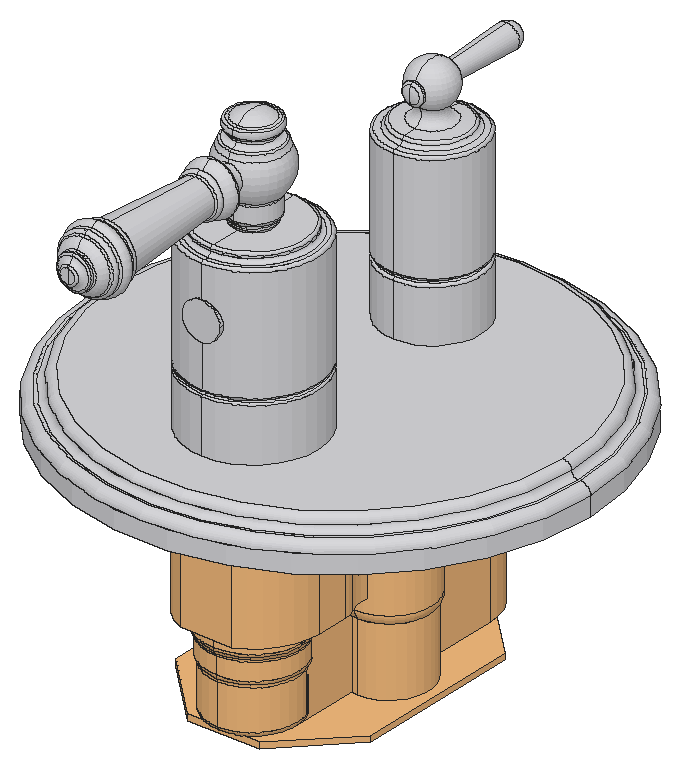
Revit family "Shower-Valve_Trim-KOHLER-ARTIFACTS-C72819W", category Plumbing Fixtures, host Face, Revit 2017
Family settings
  Host = Face
  Round Connector Dimension = Use Diameter
  Part Type = Normal
  OmniClass Number = 23.31.25.00
  OmniClass Title = Toilet and Bath Specialties
  Cut with Voids When Loaded = No
  Shared = No
  Room Calculation Point = No
Parameters (values of type "CP-Polished Chrome")
  Width = 7 11/128"  # constant formula
  WaterSense Certified = 1 = 0  # no
  Waste Water Outlet = "Waste Water Outlet"  # constant formula
  Waste Connection = 1 = 0  # no
  Vent Connection = 1 = 0  # no
  URL = "https://www.kohler.co.uk/"
  Type = 1
  Tempered Water Outlet 2 = "Tempered Water Outlet 2"  # constant formula
  Tempered Water Outlet 1 = "Tempered Water Outlet 1"  # constant formula
  Product Page URL = ""
  Product Name = "Artifacts"  # constant formula
  Product Documentation Link = ""
  Pressure = 72.00 psi  # constant formula
  Model = "C72819W-4-CP"  # constant formula
  Material = "Premium Metal Construction"  # constant formula
  Master Format 2014 Name = "Residential Showers"  # constant formula
  Master Format 2014 = "22 42 23"  # constant formula
  Manufacturer Address = "Cromwell Road, Cheltenham, Gloucestershire. GL52 5EP Registered in England No. 252115"  # constant formula
  Manufacturer = "KOHLER Co."  # constant formula
  Length = 4 19/32"  # constant formula
  Hot Water Inlet = "Hot Water Inlet"  # constant formula
  Height = 7 11/128"  # constant formula
  Handle Clearance = 3 79/256"  # constant formula
  HW Connection = 1 = 1  # yes
  Flow Rate = 9.24 GPM  # constant formula
  Finish = Kohler-Metal-CP-Polished_Chrome
  Environmental Product Declaration = ""
  Drain Included = 1 = 0  # no
  Description = "Thermotatic Built-in Single Sequential Shower Valve with 2-way Diverter"  # constant formula
  Default Elevation = 42"
  Declare Label = ""
  Date Modified = "21/07/2021"  # constant formula
  Date Created = "21/07/2021"  # constant formula
  Copyright = "Copyright KOHLER Co."  # constant formula
  Contact Us = "https://www.kohler.co.uk/support/contact/"
  Cold Water Inlet = "Cold Water Inlet"  # constant formula
  CW Connection = 1 = 1  # yes
  Assembly Code = "D2010700"
  ADA Compliant = 1 = 0  # no
Reference planes (in)
  plane 1 "Center (Front/Back)": y = 0
  plane 2: z = 0
  plane 3 "Center (Left/Right)": x = 0
  plane 4: x = -3.54331
  plane 5: x = 3.54263
  plane 6: y = 3.54331
  plane 7: y = -3.54263
  plane 8: y = -4.83834
  plane 9: y = 3.12106
  plane 10: x = -0.6875
  plane 11: x = 0.6875
  plane 12: y = -1.52974
  plane 13: y = 1.625
  plane 14: y = -0.89128
  plane 15: z = -3.09375
  plane 16: z = 3.90554
  plane 17: z = 4.59375
  plane 18: z = 3.53544
  plane 19: z = 0.5925
Forms (in)
  Extrusion 1, void
    sketch origin (0, 0, 0) x (1, 0, 0) y (0, 1, 0)
      loop
        arc (1.08004, -2.55228) -> (1.47227, -2.38981) -> (1.63473, -1.99759) r 0.55469
        line (1.63473, -1.99759) -> (1.63473, 1.99769)
        arc (1.63473, 1.99769) -> (1.47186, 2.39091) -> (1.07864, 2.55378) r 0.5561
        line (1.07864, 2.55378) -> (-1.08004, 2.55378)
        arc (-1.08004, 2.55378) -> (-1.47227, 2.39132) -> (-1.63473, 1.9991) r 0.55469
        line (-1.63473, 1.9991) -> (-1.63473, -1.99759)
        arc (-1.63473, -1.99759) -> (-1.47227, -2.38981) -> (-1.08004, -2.55228) r 0.55469
        line (-1.08004, -2.55228) -> (1.08004, -2.55228)
    from 0 to -3.09375
Dimensions and locks (in)
  "Width": plane 4 to plane 5
  locked: plane 8 to plane 6 at 8.38164
  "Height": plane 6 to plane 7
  locked: plane 19 to plane 2 at 0.5925
  locked: plane 16 to plane 2 at 3.90554
  "Length": plane 17 to plane 2
  "Handle Clearance": plane 12 to plane 8
  aligned and locked: plane 2 to host face
  aligned and locked: level to host face
Automatic sketch dimensions
  host sketch curve to host sketch curve = 96"  (x2)
  Extrusion 1 sketch curve to plane 13 = 0.3741"
  plane 10 to Extrusion 1 sketch curve = 0.94723"
  plane 10 to Extrusion 1 sketch curve = 0.39254"  (x2)
  plane 11 to Extrusion 1 sketch curve = 0.39114"
  plane 11 to Extrusion 1 sketch curve = 0.39254"
  Extrusion 1 sketch curve to Extrusion 1 sketch curve = 71/128"
  plane 12 to Extrusion 1 sketch curve = 0.46785"
Nested families (in)
  nested 1: "C72819W" at (0, 0, 0), type "C72819W"
Connectors (in)
  piping at (-0.6875, 0, -3.09375), diameter 0.5, driven by "Flow Rate", driven by "Pressure", driven by "HW Connection", driven by "Hot Water Inlet"
    settings: on nested 1, index 1, connector inside diameter 24", connector length 0", flow factor 0, pipe flow 9.24 GPM, pressure drop 72.00 psi, fitting loss kfactor 0, connector angle 0.00°, fixture units 0, engagement length 0", angle of deflection 0.00°, flow configuration 1, flow direction 1, fitting loss method 4, system type 19, joint type 0, gender type 0, connector reference index -1, connector utility 1, adjustable connector no, is connector primary yes, connector description "Hot Water Inlet"
  piping at (0.6875, 0, -3.09375), diameter 0.5, driven by "Flow Rate", driven by "Pressure", driven by "CW Connection", driven by "Cold Water Inlet"
    settings: on nested 1, index 2, connector inside diameter 24", connector length 0", flow factor 0, pipe flow 9.24 GPM, pressure drop 72.00 psi, fitting loss kfactor 0, connector angle 0.00°, fixture units 0, engagement length 0", angle of deflection 0.00°, flow configuration 1, flow direction 1, fitting loss method 4, system type 20, joint type 0, gender type 0, connector reference index -1, connector utility 1, adjustable connector no, is connector primary no, connector description "Cold Water Inlet"
  piping at (0, -0.89128, -3.09375), diameter 0.5, driven by "Flow Rate", driven by "Pressure", driven by "HW Connection", driven by "Tempered Water Outlet 2"
    settings: on nested 1, index 3, connector inside diameter 24", connector length 0", flow factor 0, pipe flow 9.24 GPM, pressure drop 72.00 psi, fitting loss kfactor 0, connector angle 0.00°, fixture units 0, engagement length 0", angle of deflection 0.00°, flow configuration 1, flow direction 2, fitting loss method 4, system type 19, joint type 0, gender type 0, connector reference index -1, connector utility 1, adjustable connector no, is connector primary no, connector description "Tempered Water Outlet 2"
  piping at (0, 1.62506, -3.09375), diameter 0.5, driven by "Flow Rate", driven by "Pressure", driven by "HW Connection", driven by "Tempered Water Outlet 1"
    settings: on nested 1, index 4, connector inside diameter 24", connector length 0", flow factor 0, pipe flow 9.24 GPM, pressure drop 72.00 psi, fitting loss kfactor 0, connector angle 0.00°, fixture units 0, engagement length 0", angle of deflection 0.00°, flow configuration 1, flow direction 2, fitting loss method 4, system type 19, joint type 0, gender type 0, connector reference index -1, connector utility 1, adjustable connector no, is connector primary no, connector description "Tempered Water Outlet 1"
Definition of nested family "C72819W"
  Parameters (values of type "C72819W")
    Material = none
  Reference planes (in)
    plane 1 "Center (Front/Back)": y = 0
    plane 2: z = 0
    plane 3 "Center (Left/Right)": x = 0
    plane 4: x = -3.54331
    plane 5: x = 3.54331
    plane 6: y = 3.54331
    plane 7: y = -3.54331
    plane 8: z = 0.5925
    plane 9: z = 3.90554
    plane 10: z = 4.59375
    plane 11: y = -1.53125
    plane 12: y = 1.625
    plane 13: y = -4.83834
    plane 14: y = 3.12106
    plane 15: z = 3.53544
    plane 16: z = -3.09375
    plane 17: x = -0.6875
    plane 18: x = 0.6875
    plane 19: y = -0.89128
  Forms (in)
    Sweep 1, solid, material <- "Material", detail levels medium+fine
      path origin (0, 0, 0) x (1, 0, 0) y (0, 1, 0)
        loop
          circle (0, 0) r 3.54336
      profile origin (0, 3.54336, 0) x (0, -1, 0) y (0, 0, 1)
        loop
          line (0.01211, 0) -> (0.60669, 0) -> (0.60669, 0.5925) -> (0.4018, 0.5925)
          arc (0.4018, 0.5925) -> (0.32124, 0.56098) -> (0.28346, 0.48316) r 0.11871
          arc (0.28346, 0.48316) -> (0.25323, 0.42088) -> (0.18876, 0.39565) r 0.095
          line (0.18876, 0.39565) -> (0.14766, 0.39565)
          arc (0.14766, 0.39565) -> (0.05181, 0.35595) -> (0.01211, 0.2601) r 0.13555
          line (0.01211, 0.2601) -> (0.01211, 0)
    Extrusion 2, solid, material <- "Material", detail levels medium+fine
      sketch origin (0, 0, 0) x (1, 0, 0) y (0, 1, 0)
        loop
          circle (0, 0) r 2.94878
      from 0 to 0.59055
    Revolve 3, solid, material <- "Material", detail levels medium+fine
      sketch origin (0, 0, 0) x (0, 1, 0) y (0, 0, 1)
        loop
          line (-1.53125, 4.59375) -> (-1.53125, 0.4743) -> (-0.625, 0.4743) -> (-0.625, 1.33838)
          arc (-0.625, 1.33838) -> (-0.63083, 1.35244) -> (-0.64489, 1.35827) r 0.01989
          line (-0.64489, 1.35827) -> (-0.71357, 1.35827) -> (-0.71357, 1.40546) -> (-0.64493, 1.40546)
          arc (-0.64493, 1.40546) -> (-0.63084, 1.4113) -> (-0.625, 1.42539) r 0.01993
          line (-0.625, 1.42539) -> (-0.625, 3.02147)
          arc (-0.625, 3.02147) -> (-0.63601, 3.04805) -> (-0.66258, 3.05906) r 0.03758
          line (-0.66258, 3.05906) -> (-0.7288, 3.05906)
          arc (-0.7288, 3.05906) -> (-0.76702, 3.07488) -> (-0.78285, 3.1131) r 0.05405
          line (-0.78285, 3.1131) -> (-0.78285, 3.14424)
          arc (-0.78285, 3.14424) -> (-0.79249, 3.16752) -> (-0.81577, 3.17717) r 0.03293
          line (-0.81577, 3.17717) -> (-1.26034, 3.17717)
          arc (-1.26034, 3.17717) -> (-1.24608, 3.18307) -> (-1.24017, 3.19734) r 0.02017
          line (-1.24017, 3.19734) -> (-1.24017, 3.23084)
          arc (-1.24017, 3.23084) -> (-1.23184, 3.26031) -> (-1.20931, 3.28105) r 0.05627
          arc (-1.20931, 3.28105) -> (-1.19571, 3.29357) -> (-1.19068, 3.31136) r 0.03397
          line (-1.19068, 3.31136) -> (-1.19068, 3.53618)
          arc (-1.19068, 3.53618) -> (-1.187, 3.55509) -> (-1.1765, 3.57125) r 0.05046
          arc (-1.1765, 3.57125) -> (-1.04544, 3.8435) -> (-1.10277, 4.14017) r 0.48059
          arc (-1.10277, 4.14017) -> (-1.1205, 4.17805) -> (-1.13252, 4.2181) r 0.2866
          arc (-1.13252, 4.2181) -> (-1.14093, 4.23175) -> (-1.15598, 4.23727) r 0.02449
          arc (-1.15598, 4.23727) -> (-1.20632, 4.25638) -> (-1.23302, 4.30315) r 0.07969
          arc (-1.23302, 4.30315) -> (-1.22772, 4.33475) -> (-1.20373, 4.35598) r 0.04802
          arc (-1.20373, 4.35598) -> (-1.18849, 4.36616) -> (-1.17854, 4.38156) r 0.04516
          arc (-1.17854, 4.38156) -> (-1.17087, 4.42738) -> (-1.18192, 4.4725) r 0.11517
          arc (-1.18192, 4.4725) -> (-1.1941, 4.48485) -> (-1.21131, 4.48696) r 0.02636
          arc (-1.21131, 4.48696) -> (-1.23395, 4.48715) -> (-1.25433, 4.49701) r 0.05157
          arc (-1.25433, 4.49701) -> (-1.38459, 4.56887) -> (-1.53125, 4.59375) r 0.44471
        axis (-1.53125, 4.59375) -> (-1.53125, 0.4743)
      angle from 0 to 360
    Revolve 4, solid, material <- "Material", detail levels medium+fine
      sketch origin (0, 0, 0) x (0, 1, 0) y (0, 0, 1)
        loop
          line (-4.8125, 3.90554) -> (-4.8125, 3.79943)
          arc (-4.8125, 3.79943) -> (-4.80706, 3.78381) -> (-4.79309, 3.77494) r 0.02515
          arc (-4.79309, 3.77494) -> (-4.74029, 3.74248) -> (-4.71742, 3.68488) r 0.09829
          arc (-4.71742, 3.68488) -> (-4.71089, 3.67087) -> (-4.69653, 3.66516) r 0.02092
          line (-4.69653, 3.66516) -> (-4.66467, 3.66516)
          arc (-4.66467, 3.66516) -> (-4.64967, 3.66092) -> (-4.63911, 3.64946) r 0.02866
          arc (-4.63911, 3.64946) -> (-4.58812, 3.58387) -> (-4.51633, 3.54206) r 0.21845
          arc (-4.51633, 3.54206) -> (-4.50309, 3.53354) -> (-4.49516, 3.51995) r 0.03371
          arc (-4.49516, 3.51995) -> (-4.46564, 3.48832) -> (-4.42258, 3.49256) r 0.04884
          arc (-4.42258, 3.49256) -> (-4.40072, 3.49612) -> (-4.38283, 3.48306) r 0.02872
          arc (-4.38283, 3.48306) -> (-4.29866, 3.43522) -> (-4.2138, 3.48181) r 0.09925
          arc (-4.2138, 3.48181) -> (-4.19527, 3.49525) -> (-4.1726, 3.49208) r 0.03058
          arc (-4.1726, 3.49208) -> (-4.13083, 3.48834) -> (-4.10097, 3.51779) r 0.0499
          arc (-4.10097, 3.51779) -> (-4.09084, 3.53127) -> (-4.07503, 3.53714) r 0.02993
          line (-4.07503, 3.53714) -> (-2.55069, 3.64373)
          arc (-2.55069, 3.64373) -> (-2.53243, 3.6393) -> (-2.52009, 3.62513) r 0.031
          arc (-2.52009, 3.62513) -> (-2.46412, 3.59631) -> (-2.42488, 3.64554) r 0.04965
          arc (-2.42488, 3.64554) -> (-2.3604, 3.56524) -> (-2.26309, 3.53149) r 0.1862
          arc (-2.26309, 3.53149) -> (-2.24777, 3.53557) -> (-2.23775, 3.54786) r 0.02571
          arc (-2.23775, 3.54786) -> (-2.12696, 3.67744) -> (-1.95951, 3.7095) r 0.25772
          arc (-1.95951, 3.7095) -> (-1.65295, 3.73811) -> (-1.39456, 3.90554) r 0.64511
          line (-1.39456, 3.90554) -> (-4.8125, 3.90554)
        axis (-1.39456, 3.90554) -> (-4.8125, 3.90554)
      angle from 0 to 360
    Revolve 5, solid, material <- "Material", detail levels medium+fine
      sketch origin (0, 0, 0) x (0, 1, 0) y (0, 0, 1)
        loop
          line (1.625, 0.55225) -> (2.3125, 0.55225) -> (2.3125, 1.32327)
          arc (2.3125, 1.32327) -> (2.30225, 1.34802) -> (2.2775, 1.35827) r 0.035
          line (2.2775, 1.35827) -> (2.2144, 1.35827) -> (2.2144, 1.40945) -> (2.29287, 1.40945)
          arc (2.29287, 1.40945) -> (2.30675, 1.4152) -> (2.3125, 1.42908) r 0.01963
          line (2.3125, 1.42908) -> (2.3125, 2.93221)
          arc (2.3125, 2.93221) -> (2.30353, 2.95641) -> (2.28094, 2.96891) r 0.03712
          line (2.28094, 2.96891) -> (2.19508, 2.98192)
          arc (2.19508, 2.98192) -> (2.16154, 2.99921) -> (2.14534, 3.03329) r 0.05899
          arc (2.14534, 3.03329) -> (2.13441, 3.05563) -> (2.11192, 3.06626) r 0.03761
          line (2.11192, 3.06626) -> (1.93293, 3.08507)
          arc (1.93293, 3.08507) -> (1.82197, 3.17321) -> (1.85475, 3.31108) r 0.13202
          arc (1.85475, 3.31108) -> (1.92349, 3.65661) -> (1.625, 3.84375) r 0.31035
          line (1.625, 3.84375) -> (1.625, 0.55225)
        axis (1.625, 3.84375) -> (1.625, 0.55225)
      angle from 0 to 360
    Revolve 6, solid, material <- "Material", detail levels medium+fine
      sketch origin (0, 0, 0) x (0, 1, 0) y (0, 0, 1)
        loop
          line (1.22663, 3.53543) -> (3.12503, 3.53543)
          arc (3.12503, 3.53543) -> (3.06506, 3.66556) -> (2.93021, 3.71399) r 0.18523
          line (2.93021, 3.71399) -> (1.90456, 3.66024) -> (1.34828, 3.67)
          arc (1.34828, 3.67) -> (1.33215, 3.66742) -> (1.31892, 3.67701) r 0.02135
          arc (1.31892, 3.67701) -> (1.30299, 3.68946) -> (1.28281, 3.68847) r 0.02899
          arc (1.28281, 3.68847) -> (1.26319, 3.67507) -> (1.25013, 3.65523) r 0.06141
          arc (1.25013, 3.65523) -> (1.23256, 3.59647) -> (1.22663, 3.53543) r 0.31705
        axis (3.12503, 3.53543) -> (1.22663, 3.53543)
      angle from 0 to 360
    Revolve 7, solid, detail levels medium+fine
      sketch origin (0, 0, 0) x (0, 1, 0) y (0, 0, 1)
        loop
          line (-1.53125, -3.02287) -> (-2.083, -3.02287)
          arc (-2.083, -3.02287) -> (-2.13423, -3.00165) -> (-2.15545, -2.95042) r 0.07245
          line (-2.15545, -2.95042) -> (-2.15545, -2.38433)
          arc (-2.15545, -2.38433) -> (-2.15935, -2.35862) -> (-2.17071, -2.33522) r 0.08665
          arc (-2.17071, -2.33522) -> (-2.18137, -2.31328) -> (-2.18503, -2.28916) r 0.08125
          line (-2.18503, -2.28916) -> (-2.18503, -2.04484)
          arc (-2.18503, -2.04484) -> (-2.1871, -2.0291) -> (-2.19317, -2.01444) r 0.06081
          line (-2.19317, -2.01444) -> (-2.2231, -1.96261)
          arc (-2.2231, -1.96261) -> (-2.23159, -1.9421) -> (-2.23449, -1.92009) r 0.08505
          line (-2.23449, -1.92009) -> (-2.23449, -1.81629)
          arc (-2.23449, -1.81629) -> (-2.25662, -1.75896) -> (-2.31153, -1.73135) r 0.08535
          line (-2.31153, -1.73135) -> (-2.31153, -0.57006)
          arc (-2.31153, -0.57006) -> (-2.27049, -0.54873) -> (-2.25403, -0.50551) r 0.06499
          line (-2.25403, -0.50551) -> (-2.25403, -0.47389)
          arc (-2.25403, -0.47389) -> (-2.26022, -0.45895) -> (-2.27517, -0.45276) r 0.02113
          line (-2.27517, -0.45276) -> (-2.35158, -0.45276)
          arc (-2.35158, -0.45276) -> (-2.3732, -0.4438) -> (-2.38216, -0.42218) r 0.03057
          line (-2.38216, -0.42218) -> (-2.38216, 0.03054) -> (-1.53125, 0.03054) -> (-1.53125, -3.02756)
        axis (-1.53125, 0.03054) -> (-1.53125, -3.02756)
      angle from 0 to 360
    Revolve 8, solid, detail levels medium+fine
      sketch origin (-0.68897, 0.0016, 0) x (0, 1, 0) y (0, 0, 1)
        loop
          line (0, -0.54405) -> (0, -3.03972) -> (0.55405, -3.03972) -> (0.55405, -2.04881)
          arc (0.55405, -2.04881) -> (0.59152, -1.98988) -> (0.60463, -1.92127) r 0.18606
          line (0.60463, -1.92127) -> (0.60463, -1.22977)
          arc (0.60463, -1.22977) -> (0.62713, -1.18548) -> (0.63488, -1.13642) r 0.15916
          line (0.63488, -1.13642) -> (0.63489, -0.62498)
          arc (0.63489, -0.62498) -> (0.61118, -0.56776) -> (0.55396, -0.54405) r 0.08093
          line (0.55396, -0.54405) -> (0, -0.54405)
        axis (0, -3.03972) -> (0, -0.54405)
      angle from 0 to 360
    Revolve 9, solid, detail levels medium+fine
      sketch origin (0.68897, 0.0016, 0) x (0, 1, 0) y (0, 0, -1)
        loop
          line (0, 0.54405) -> (0.55396, 0.54405)
          arc (0.55396, 0.54405) -> (0.61118, 0.56776) -> (0.63489, 0.62498) r 0.08093
          line (0.63489, 0.62498) -> (0.63488, 1.13642)
          arc (0.63488, 1.13642) -> (0.62713, 1.18548) -> (0.60463, 1.22977) r 0.15916
          line (0.60463, 1.22977) -> (0.60463, 1.92127)
          arc (0.60463, 1.92127) -> (0.59152, 1.98988) -> (0.55405, 2.04881) r 0.18606
          line (0.55405, 2.04881) -> (0.55405, 3.0385) -> (0, 3.0385) -> (0, 0.54405)
        axis (0, 3.0385) -> (0, 0.54405)
      angle from 0 to 360
    Extrusion 10, solid, detail levels medium+fine
      sketch origin (0, 0, 0) x (1, 0, 0) y (0, 1, 0)
        loop
          line (0.92561, -1.51625) -> (0.92561, -1.06778)
          arc (0.92561, -1.06778) -> (0.9162, -0.97656) -> (0.88838, -0.88919) r 0.44694
          arc (0.88838, -0.88919) -> (0.83885, -0.67085) -> (0.87295, -0.44957) r 0.599
          line (0.87295, -0.44957) -> (0.87295, 0.39112)
          arc (0.87295, 0.39112) -> (0.8232, 0.57143) -> (0.65834, 0.65979) r 0.23749
          line (0.65834, 0.65979) -> (0.07315, 0.71099)
          arc (0.07315, 0.71099) -> (0.00041, 0.71416) -> (-0.07233, 0.71099) r 0.83461
          line (-0.07233, 0.71099) -> (-0.65534, 0.65998)
          arc (-0.65534, 0.65998) -> (-0.80974, 0.58384) -> (-0.87213, 0.4234) r 0.23748
          line (-0.87213, 0.4234) -> (-0.87213, -0.44957)
          arc (-0.87213, -0.44957) -> (-0.83802, -0.67085) -> (-0.88755, -0.88919) r 0.599
          arc (-0.88755, -0.88919) -> (-0.91538, -0.97656) -> (-0.92478, -1.06778) r 0.44694
          line (-0.92478, -1.06778) -> (-0.92478, -1.51625)
          arc (-0.92478, -1.51625) -> (-0.77142, -2.0264) -> (-0.36218, -2.36743) r 0.9252
          line (-0.36218, -2.36743) -> (0.36301, -2.36743)
          arc (0.36301, -2.36743) -> (0.77225, -2.0264) -> (0.92561, -1.51625) r 0.9252
      from -1.73022 to -0.57006
    Extrusion 11, solid, detail levels medium+fine
      sketch origin (0, 0, 0) x (1, 0, 0) y (0, 1, 0)
        loop
          line (0.8075, 0.45624) -> (0.8075, 1.63734)
          arc (0.8075, 1.63734) -> (0.67224, 2.08461) -> (0.31178, 2.38195) r 0.80709
          line (0.31178, 2.38195) -> (-0.31096, 2.38195)
          arc (-0.31096, 2.38195) -> (-0.67141, 2.08461) -> (-0.80667, 1.63734) r 0.80709
          line (-0.80667, 1.63734) -> (-0.80667, 0.45624) -> (0.8075, 0.45624)
      from -3.01252 to -0.86614
    Extrusion 12, solid, detail levels medium+fine
      sketch origin (0, 0, 0) x (1, 0, 0) y (0, 1, 0)
        loop
          line (-1.37754, 1.18116) -> (-1.37754, -1.18104) -> (-0.50237, -2.05621) -> (0.5032, -2.05621) -> (1.37837, -1.18104) -> (1.37837, 1.18116) -> (0.48257, 2.07696) -> (-0.48174, 2.07696) -> (-1.37754, 1.18116)
      from -3.09375 to -3.01252
    Extrusion 13, solid, detail levels medium+fine
      sketch origin (0, 0, 0) x (1, 0, 0) y (0, 0, 1)
        loop
          line (-0.59014, -3.03972) -> (0.59096, -3.03972) -> (0.59096, -1.31274) -> (-0.59014, -1.31274) -> (-0.59014, -3.03972)
      from 0 to 1.51569
    Extrusion 14, solid, detail levels medium+fine
      sketch origin (0, -0.00769, 0) x (1, 0, 0) y (0, 1, 0)
        loop
          circle (-0.00038, 1.63295) r 0.68945
      from -0.86614 to 0.09843
    Extrusion 15, solid, detail levels medium+fine
      sketch origin (0, 0, 0) x (1, 0, 0) y (0, 1, 0)
        loop
          circle (0, 1.62506) r 0.19685
        loop
          circle (0.6875, 0) r 0.19685
        loop
          circle (-0.6875, 0) r 0.19685
        loop
          circle (0, -0.89128) r 0.19685
      from -3.09375 to -3.05727
    Extrusion 16, solid, material <- "Material", detail levels coarse
      sketch origin (0, 0, 0) x (1, 0, 0) y (0, 1, 0)
        loop
          circle (0, 0) r 3.53125
      from 0 to 0.59247
    Extrusion 17, solid, material <- "Material", detail levels coarse
      sketch origin (0, 0, 0) x (1, 0, 0) y (0, 1, 0)
        loop
          circle (0, -1.53125) r 0.90625
      from 0 to 4.59375
    Extrusion 18, solid, material <- "Material", detail levels coarse
      sketch origin (0, 0, 0) x (1, 0, 0) y (0, 1, 0)
        loop
          circle (0, 1.625) r 0.6875
      from 0 to 3.84375
    Extrusion 19, solid, material <- "Material", detail levels coarse
      sketch origin (0, 0, 0) x (1, 0, 0) y (0, 0, 1)
        loop
          circle (-0.00071, 3.5362) r 0.17864
      from -3.125 to -2.1378
    Extrusion 20, solid, material <- "Material", detail levels coarse
      sketch origin (0, 0, 0) x (1, 0, 0) y (0, 0, 1)
        loop
          circle (-0.00095, 3.90452) r 0.46672
      from 1.82382 to 4.83834
    Extrusion 21, solid, detail levels coarse
      sketch origin (0, 0, 0) x (1, 0, 0) y (0, 1, 0)
        loop
          line (1.37837, -1.18104) -> (1.37837, 1.18116) -> (0.79787, 1.76166)
          arc (0.79787, 1.76166) -> (0.63568, 2.13517) -> (0.31178, 2.38195) r 0.80709
          line (0.31178, 2.38195) -> (-0.31096, 2.38195)
          arc (-0.31096, 2.38195) -> (-0.63485, 2.13517) -> (-0.79704, 1.76166) r 0.80709
          line (-0.79704, 1.76166) -> (-1.37754, 1.18116) -> (-1.37754, -1.18104) -> (-0.91614, -1.64245)
          arc (-0.91614, -1.64245) -> (-0.73474, -2.07797) -> (-0.36218, -2.36743) r 0.9252
          line (-0.36218, -2.36743) -> (0.36301, -2.36743)
          arc (0.36301, -2.36743) -> (0.73557, -2.07797) -> (0.91696, -1.64245) r 0.9252
          line (0.91696, -1.64245) -> (1.37837, -1.18104)
      from -3.09375 to 0
    Extrusion 22, solid, material <- "Material", detail levels medium+fine
      sketch origin (0, 0, 0) x (1, 0, 0) y (0, 0, 1)
        loop
          circle (0.00002, 2.30909) r 0.26392
      from 1.51569 to 2.45606
    Extrusion 23, solid, detail levels medium+fine
      sketch origin (0, 0, 0) x (1, 0, 0) y (0, 1, 0)
        loop
          line (-1.08004, -2.55378) -> (1.08004, -2.55378)
          arc (1.08004, -2.55378) -> (1.47227, -2.39132) -> (1.63473, -1.9991) r 0.55469
          line (1.63473, -1.9991) -> (1.63473, 1.99769)
          arc (1.63473, 1.99769) -> (1.47186, 2.39091) -> (1.07864, 2.55378) r 0.5561
          line (1.07864, 2.55378) -> (-1.08004, 2.55378)
          arc (-1.08004, 2.55378) -> (-1.47227, 2.39132) -> (-1.63473, 1.9991) r 0.55469
          line (-1.63473, 1.9991) -> (-1.63473, -1.9991)
          arc (-1.63473, -1.9991) -> (-1.47227, -2.39132) -> (-1.08004, -2.55378) r 0.55469
      from -0.08678 to 0
  Cuts and joins
    joined: Sweep 1, Extrusion 2, Revolve 3, Revolve 4, Revolve 5, Extrusion 22
    joined: Revolve 8, Revolve 9, Extrusion 10, Extrusion 11, Extrusion 12, Extrusion 13, Extrusion 14, Extrusion 23
    joined: Extrusion 16, Extrusion 17, Extrusion 18, Extrusion 19, Extrusion 20
  Lines and regions (in)
    Masking region 1
      outline origin (0, 0, 0) x (0, 1, 0) y (0, 0, 1)
        loop
          arc (-0.625, 1.33838) -> (-0.63083, 1.35244) -> (-0.64489, 1.35827) r 0.01989
          line (-0.64489, 1.35827) -> (-0.71357, 1.35827) -> (-0.71357, 1.40546) -> (-0.64493, 1.40546)
          arc (-0.64493, 1.40546) -> (-0.63084, 1.4113) -> (-0.625, 1.42539) r 0.01993
          line (-0.625, 1.42539) -> (-0.625, 3.02147)
          arc (-0.625, 3.02147) -> (-0.63601, 3.04805) -> (-0.66258, 3.05906) r 0.03758
          line (-0.66258, 3.05906) -> (-0.7288, 3.05906)
          arc (-0.7288, 3.05906) -> (-0.76702, 3.07488) -> (-0.78285, 3.1131) r 0.05405
          line (-0.78285, 3.1131) -> (-0.78285, 3.14424)
          arc (-0.78285, 3.14424) -> (-0.79249, 3.16752) -> (-0.81577, 3.17717) r 0.03293
          line (-0.81577, 3.17717) -> (-1.26034, 3.17717)
          arc (-1.26034, 3.17717) -> (-1.24608, 3.18307) -> (-1.24017, 3.19734) r 0.02017
          line (-1.24017, 3.19734) -> (-1.24017, 3.23084)
          arc (-1.24017, 3.23084) -> (-1.23184, 3.26031) -> (-1.20931, 3.28105) r 0.05627
          arc (-1.20931, 3.28105) -> (-1.19571, 3.29357) -> (-1.19068, 3.31136) r 0.03397
          line (-1.19068, 3.31136) -> (-1.19068, 3.53618)
          arc (-1.19068, 3.53618) -> (-1.187, 3.55509) -> (-1.1765, 3.57125) r 0.05046
          arc (-1.1765, 3.57125) -> (-1.04544, 3.8435) -> (-1.10277, 4.14017) r 0.48059
          arc (-1.10277, 4.14017) -> (-1.1205, 4.17805) -> (-1.13252, 4.2181) r 0.2866
          arc (-1.13252, 4.2181) -> (-1.14093, 4.23175) -> (-1.15598, 4.23727) r 0.02449
          arc (-1.15598, 4.23727) -> (-1.20632, 4.25638) -> (-1.23302, 4.30315) r 0.07969
          arc (-1.23302, 4.30315) -> (-1.22772, 4.33475) -> (-1.20373, 4.35598) r 0.04802
          arc (-1.20373, 4.35598) -> (-1.18849, 4.36616) -> (-1.17854, 4.38156) r 0.04516
          arc (-1.17854, 4.38156) -> (-1.17083, 4.42627) -> (-1.18099, 4.47048) r 0.11517
          arc (-1.18099, 4.47048) -> (-1.19502, 4.48365) -> (-1.21407, 4.48644) r 0.03214
          arc (-1.21407, 4.48644) -> (-1.23532, 4.48748) -> (-1.25433, 4.49701) r 0.05157
          arc (-1.25433, 4.49701) -> (-1.53125, 4.59375) -> (-1.80817, 4.49701) r 0.44471
          arc (-1.80817, 4.49701) -> (-1.82718, 4.48748) -> (-1.84843, 4.48644) r 0.05157
          arc (-1.84843, 4.48644) -> (-1.86848, 4.4831) -> (-1.88245, 4.46834) r 0.03194
          arc (-1.88245, 4.46834) -> (-1.89169, 4.4251) -> (-1.88396, 4.38156) r 0.11517
          arc (-1.88396, 4.38156) -> (-1.87401, 4.36616) -> (-1.85877, 4.35598) r 0.04516
          arc (-1.85877, 4.35598) -> (-1.83478, 4.33475) -> (-1.82948, 4.30315) r 0.04802
          arc (-1.82948, 4.30315) -> (-1.85618, 4.25638) -> (-1.90652, 4.23727) r 0.07969
          arc (-1.90652, 4.23727) -> (-1.92157, 4.23175) -> (-1.92998, 4.2181) r 0.02449
          arc (-1.92998, 4.2181) -> (-1.942, 4.17805) -> (-1.95973, 4.14017) r 0.2866
          arc (-1.95973, 4.14017) -> (-1.9704, 4.12001) -> (-1.98011, 4.09936) r 0.48059
          arc (-1.98011, 4.09936) -> (-2.13581, 4.13903) -> (-2.23775, 4.26323) r 0.25772
          arc (-2.23775, 4.26323) -> (-2.24777, 4.27552) -> (-2.26309, 4.2796) r 0.02571
          arc (-2.26309, 4.2796) -> (-2.3604, 4.24585) -> (-2.42488, 4.16555) r 0.1862
          arc (-2.42488, 4.16555) -> (-2.46412, 4.21478) -> (-2.52009, 4.18596) r 0.04965
          arc (-2.52009, 4.18596) -> (-2.53243, 4.17179) -> (-2.55069, 4.16736) r 0.031
          line (-2.55069, 4.16736) -> (-4.07503, 4.27395)
          arc (-4.07503, 4.27395) -> (-4.09084, 4.27982) -> (-4.10097, 4.2933) r 0.02993
          arc (-4.10097, 4.2933) -> (-4.13083, 4.32274) -> (-4.1726, 4.31901) r 0.0499
          arc (-4.1726, 4.31901) -> (-4.19527, 4.31583) -> (-4.2138, 4.32928) r 0.03058
          arc (-4.2138, 4.32928) -> (-4.29866, 4.37587) -> (-4.38283, 4.32803) r 0.09925
          arc (-4.38283, 4.32803) -> (-4.40072, 4.31497) -> (-4.42258, 4.31853) r 0.02872
          arc (-4.42258, 4.31853) -> (-4.46564, 4.32276) -> (-4.49516, 4.29114) r 0.04884
          arc (-4.49516, 4.29114) -> (-4.50309, 4.27754) -> (-4.51633, 4.26903) r 0.03371
          arc (-4.51633, 4.26903) -> (-4.58812, 4.22722) -> (-4.63911, 4.16162) r 0.21845
          arc (-4.63911, 4.16162) -> (-4.64967, 4.15016) -> (-4.66467, 4.14593) r 0.02866
          line (-4.66467, 4.14593) -> (-4.69653, 4.14593)
          arc (-4.69653, 4.14593) -> (-4.71089, 4.14022) -> (-4.71742, 4.12621) r 0.02092
          arc (-4.71742, 4.12621) -> (-4.74712, 4.06127) -> (-4.81294, 4.03358) r 0.09829
          arc (-4.81294, 4.03358) -> (-4.83094, 4.0257) -> (-4.83834, 4.0075) r 0.02609
          line (-4.83834, 4.0075) -> (-4.83834, 3.80434)
          arc (-4.83834, 3.80434) -> (-4.83078, 3.78565) -> (-4.81235, 3.77749) r 0.02686
          arc (-4.81235, 3.77749) -> (-4.74691, 3.74961) -> (-4.71742, 3.68488) r 0.09829
          arc (-4.71742, 3.68488) -> (-4.71089, 3.67087) -> (-4.69653, 3.66516) r 0.02092
          line (-4.69653, 3.66516) -> (-4.66467, 3.66516)
          arc (-4.66467, 3.66516) -> (-4.64967, 3.66092) -> (-4.63911, 3.64946) r 0.02866
          arc (-4.63911, 3.64946) -> (-4.58812, 3.58387) -> (-4.51633, 3.54206) r 0.21845
          arc (-4.51633, 3.54206) -> (-4.50309, 3.53354) -> (-4.49516, 3.51995) r 0.03371
          arc (-4.49516, 3.51995) -> (-4.46564, 3.48832) -> (-4.42258, 3.49256) r 0.04884
          arc (-4.42258, 3.49256) -> (-4.40072, 3.49612) -> (-4.38283, 3.48306) r 0.02872
          arc (-4.38283, 3.48306) -> (-4.29866, 3.43522) -> (-4.2138, 3.48181) r 0.09925
          arc (-4.2138, 3.48181) -> (-4.19527, 3.49525) -> (-4.1726, 3.49208) r 0.03058
          arc (-4.1726, 3.49208) -> (-4.13083, 3.48834) -> (-4.10097, 3.51779) r 0.0499
          arc (-4.10097, 3.51779) -> (-4.09084, 3.53127) -> (-4.07503, 3.53714) r 0.02993
          line (-4.07503, 3.53714) -> (-2.55069, 3.64373)
          arc (-2.55069, 3.64373) -> (-2.53243, 3.6393) -> (-2.52009, 3.62513) r 0.031
          arc (-2.52009, 3.62513) -> (-2.46412, 3.59631) -> (-2.42488, 3.64554) r 0.04965
          arc (-2.42488, 3.64554) -> (-2.3604, 3.56524) -> (-2.26309, 3.53149) r 0.1862
          arc (-2.26309, 3.53149) -> (-2.24777, 3.53557) -> (-2.23775, 3.54786) r 0.02571
          arc (-2.23775, 3.54786) -> (-2.13591, 3.67199) -> (-1.98036, 3.71174) r 0.25772
          arc (-1.98036, 3.71174) -> (-1.93941, 3.63731) -> (-1.886, 3.57125) r 0.48059
          arc (-1.886, 3.57125) -> (-1.8755, 3.55509) -> (-1.87182, 3.53618) r 0.05046
          line (-1.87182, 3.53618) -> (-1.87182, 3.31136)
          arc (-1.87182, 3.31136) -> (-1.86679, 3.29357) -> (-1.85319, 3.28105) r 0.03397
          arc (-1.85319, 3.28105) -> (-1.83066, 3.26031) -> (-1.82233, 3.23084) r 0.05627
          line (-1.82233, 3.23084) -> (-1.82233, 3.19734)
          arc (-1.82233, 3.19734) -> (-1.81642, 3.18307) -> (-1.80216, 3.17717) r 0.02017
          line (-1.80216, 3.17717) -> (-2.24673, 3.17717)
          arc (-2.24673, 3.17717) -> (-2.27001, 3.16752) -> (-2.27965, 3.14424) r 0.03293
          line (-2.27965, 3.14424) -> (-2.27965, 3.1131)
          arc (-2.27965, 3.1131) -> (-2.29548, 3.07488) -> (-2.3337, 3.05906) r 0.05405
          line (-2.3337, 3.05906) -> (-2.39992, 3.05906)
          arc (-2.39992, 3.05906) -> (-2.42649, 3.04805) -> (-2.4375, 3.02147) r 0.03758
          line (-2.4375, 3.02147) -> (-2.4375, 2.59952) -> (-2.45606, 2.57301) -> (-2.45606, 2.04517) -> (-2.4375, 2.01866) -> (-2.4375, 1.42539)
          arc (-2.4375, 1.42539) -> (-2.43166, 1.4113) -> (-2.41757, 1.40546) r 0.01993
          line (-2.41757, 1.40546) -> (-2.34893, 1.40546) -> (-2.34893, 1.35827) -> (-2.41761, 1.35827)
          arc (-2.41761, 1.35827) -> (-2.43167, 1.35244) -> (-2.4375, 1.33838) r 0.01989
          line (-2.4375, 1.33838) -> (-2.4375, 0.5925) -> (-3.15362, 0.5925)
          arc (-3.15362, 0.5925) -> (-3.23418, 0.56098) -> (-3.27196, 0.48316) r 0.11871
          arc (-3.27196, 0.48316) -> (-3.30219, 0.42088) -> (-3.36666, 0.39565) r 0.095
          line (-3.36666, 0.39565) -> (-3.40776, 0.39565)
          arc (-3.40776, 0.39565) -> (-3.50361, 0.35595) -> (-3.54331, 0.2601) r 0.13555
          line (-3.54331, 0.2601) -> (-3.54331, 0) -> (3.54331, 0) -> (3.54331, 0.2601)
          arc (3.54331, 0.2601) -> (3.50361, 0.35595) -> (3.40776, 0.39565) r 0.13555
          line (3.40776, 0.39565) -> (3.36666, 0.39565)
          arc (3.36666, 0.39565) -> (3.30219, 0.42088) -> (3.27196, 0.48316) r 0.095
          arc (3.27196, 0.48316) -> (3.23418, 0.56098) -> (3.15362, 0.5925) r 0.11871
          line (3.15362, 0.5925) -> (2.3125, 0.5925) -> (2.3125, 1.32327)
          arc (2.3125, 1.32327) -> (2.30225, 1.34802) -> (2.2775, 1.35827) r 0.035
          line (2.2775, 1.35827) -> (2.2144, 1.35827) -> (2.2144, 1.40945) -> (2.29287, 1.40945)
          arc (2.29287, 1.40945) -> (2.30675, 1.4152) -> (2.3125, 1.42908) r 0.01963
          line (2.3125, 1.42908) -> (2.3125, 2.93221)
          arc (2.3125, 2.93221) -> (2.30353, 2.95641) -> (2.28094, 2.96891) r 0.03712
          line (2.28094, 2.96891) -> (2.19508, 2.98192)
          arc (2.19508, 2.98192) -> (2.16154, 2.99921) -> (2.14534, 3.03329) r 0.05899
          arc (2.14534, 3.03329) -> (2.13441, 3.05563) -> (2.11192, 3.06626) r 0.03761
          line (2.11192, 3.06626) -> (1.93293, 3.08507)
          arc (1.93293, 3.08507) -> (1.82197, 3.17321) -> (1.85475, 3.31108) r 0.13202
          arc (1.85475, 3.31108) -> (1.89376, 3.35705) -> (1.92325, 3.40965) r 0.31342
          line (1.92325, 3.40965) -> (2.93021, 3.35688)
          arc (2.93021, 3.35688) -> (3.06974, 3.40975) -> (3.125, 3.54835) r 0.18521
          arc (3.125, 3.54835) -> (3.06414, 3.67413) -> (2.93021, 3.71399) r 0.17311
          line (2.93021, 3.71399) -> (1.92365, 3.66124)
          arc (1.92365, 3.66124) -> (1.80173, 3.79734) -> (1.625, 3.84375) r 0.31766
          arc (1.625, 3.84375) -> (1.45134, 3.8001) -> (1.32971, 3.66868) r 0.31426
          arc (1.32971, 3.66868) -> (1.31047, 3.68855) -> (1.28281, 3.68847) r 0.03534
          arc (1.28281, 3.68847) -> (1.26319, 3.67507) -> (1.25013, 3.65523) r 0.06141
          arc (1.25013, 3.65523) -> (1.23256, 3.59647) -> (1.22663, 3.53543) r 0.31705
          arc (1.22663, 3.53543) -> (1.23256, 3.47439) -> (1.25013, 3.41564) r 0.31705
          arc (1.25013, 3.41564) -> (1.26319, 3.3958) -> (1.28281, 3.38239) r 0.06141
          arc (1.28281, 3.38239) -> (1.31087, 3.3828) -> (1.32933, 3.40395) r 0.03447
          arc (1.32933, 3.40395) -> (1.35804, 3.35449) -> (1.39525, 3.31108) r 0.31342
          arc (1.39525, 3.31108) -> (1.42803, 3.17321) -> (1.31707, 3.08507) r 0.13202
          line (1.31707, 3.08507) -> (1.13808, 3.06626)
          arc (1.13808, 3.06626) -> (1.11559, 3.05563) -> (1.10466, 3.03329) r 0.03761
          arc (1.10466, 3.03329) -> (1.08846, 2.99921) -> (1.05492, 2.98192) r 0.05899
          line (1.05492, 2.98192) -> (0.96906, 2.96891)
          arc (0.96906, 2.96891) -> (0.94647, 2.95641) -> (0.9375, 2.93221) r 0.03712
          line (0.9375, 2.93221) -> (0.9375, 1.42908)
          arc (0.9375, 1.42908) -> (0.94325, 1.4152) -> (0.95713, 1.40945) r 0.01963
          line (0.95713, 1.40945) -> (1.0356, 1.40945) -> (1.0356, 1.35827) -> (0.9725, 1.35827)
          arc (0.9725, 1.35827) -> (0.94775, 1.34802) -> (0.9375, 1.32327) r 0.035
          line (0.9375, 1.32327) -> (0.9375, 0.5925) -> (-0.625, 0.5925) -> (-0.625, 1.33838)
    Masking region 2
      outline origin (0, 0, 0) x (0, 1, 0) y (0, 0, 1)
        loop
          arc (-2.38216, -0.42218) -> (-2.3732, -0.4438) -> (-2.35158, -0.45276) r 0.03057
          line (-2.35158, -0.45276) -> (-2.27517, -0.45276)
          arc (-2.27517, -0.45276) -> (-2.26022, -0.45895) -> (-2.25403, -0.47389) r 0.02113
          line (-2.25403, -0.47389) -> (-2.25403, -0.50551)
          arc (-2.25403, -0.50551) -> (-2.27049, -0.54873) -> (-2.31153, -0.57006) r 0.06499
          line (-2.31153, -0.57006) -> (-2.36743, -0.57006) -> (-2.36743, -1.73135) -> (-2.31153, -1.73135)
          arc (-2.31153, -1.73135) -> (-2.25662, -1.75896) -> (-2.23449, -1.81629) r 0.08535
          line (-2.23449, -1.81629) -> (-2.23449, -1.92009)
          arc (-2.23449, -1.92009) -> (-2.23159, -1.9421) -> (-2.2231, -1.96261) r 0.08505
          line (-2.2231, -1.96261) -> (-2.19317, -2.01444)
          arc (-2.19317, -2.01444) -> (-2.1871, -2.0291) -> (-2.18503, -2.04484) r 0.06081
          line (-2.18503, -2.04484) -> (-2.18503, -2.28916)
          arc (-2.18503, -2.28916) -> (-2.18137, -2.31328) -> (-2.17071, -2.33522) r 0.08125
          arc (-2.17071, -2.33522) -> (-2.15935, -2.35862) -> (-2.15545, -2.38433) r 0.08665
          line (-2.15545, -2.38433) -> (-2.15545, -2.95083)
          arc (-2.15545, -2.95083) -> (-2.13666, -2.99951) -> (-2.09003, -3.02294) r 0.07245
          line (-2.09003, -3.02294) -> (-2.05621, -3.02294) -> (-2.05621, -3.09375) -> (2.07696, -3.09375) -> (2.07696, -3.02306) -> (2.38195, -3.02306) -> (2.38195, -0.86614) -> (2.3125, -0.86614) -> (2.3125, -0.08678) -> (2.55378, -0.08678) -> (2.55378, 0) -> (-2.55378, 0) -> (-2.55378, -0.08678) -> (-2.38216, -0.08678) -> (-2.38216, -0.42218)
        loop
          line (0.9375, -0.08678) -> (-0.68034, -0.08678) -> (-0.68034, -0.42218)
          arc (-0.68034, -0.42218) -> (-0.6893, -0.4438) -> (-0.71092, -0.45276) r 0.03057
          line (-0.71092, -0.45276) -> (-0.78733, -0.45276)
          arc (-0.78733, -0.45276) -> (-0.80228, -0.45895) -> (-0.80847, -0.47389) r 0.02113
          line (-0.80847, -0.47389) -> (-0.80847, -0.50551)
          arc (-0.80847, -0.50551) -> (-0.79201, -0.54873) -> (-0.75097, -0.57006) r 0.06499
          line (-0.75097, -0.57006) -> (-0.615, -0.57006)
          arc (-0.615, -0.57006) -> (-0.588, -0.55084) -> (-0.55556, -0.54405) r 0.08093
          line (-0.55556, -0.54405) -> (0.55556, -0.54405)
          arc (0.55556, -0.54405) -> (0.588, -0.55084) -> (0.615, -0.57006) r 0.08093
          line (0.615, -0.57006) -> (0.71576, -0.57006) -> (0.71576, -0.86614) -> (0.9375, -0.86614) -> (0.9375, -0.08678)
    Masking region 3
      outline origin (0, 0, 0) x (1, 0, 0) y (0, 0, 1)
        loop
          arc (0.90625, 1.33652) -> (0.90042, 1.35058) -> (0.88636, 1.35641) r 0.01989
          line (0.88636, 1.35641) -> (0.81768, 1.35641) -> (0.81768, 1.4036) -> (0.88632, 1.4036)
          arc (0.88632, 1.4036) -> (0.90041, 1.40944) -> (0.90625, 1.42354) r 0.01993
          line (0.90625, 1.42354) -> (0.90625, 3.01961)
          arc (0.90625, 3.01961) -> (0.89524, 3.04619) -> (0.86867, 3.0572) r 0.03758
          line (0.86867, 3.0572) -> (0.80245, 3.0572)
          arc (0.80245, 3.0572) -> (0.76423, 3.07303) -> (0.7484, 3.11124) r 0.05405
          line (0.7484, 3.11124) -> (0.7484, 3.14238)
          arc (0.7484, 3.14238) -> (0.73876, 3.16566) -> (0.71548, 3.17531) r 0.03293
          line (0.71548, 3.17531) -> (0.27091, 3.17531)
          arc (0.27091, 3.17531) -> (0.28517, 3.18122) -> (0.29108, 3.19548) r 0.02017
          line (0.29108, 3.19548) -> (0.29108, 3.22899)
          arc (0.29108, 3.22899) -> (0.29941, 3.25845) -> (0.32194, 3.27919) r 0.05627
          arc (0.32194, 3.27919) -> (0.33554, 3.29171) -> (0.34057, 3.3095) r 0.03397
          line (0.34057, 3.3095) -> (0.34057, 3.53432)
          arc (0.34057, 3.53432) -> (0.34425, 3.55324) -> (0.35475, 3.56939) r 0.05046
          arc (0.35475, 3.56939) -> (0.48581, 3.84164) -> (0.42848, 4.13831) r 0.48059
          arc (0.42848, 4.13831) -> (0.41075, 4.17619) -> (0.39873, 4.21624) r 0.2866
          arc (0.39873, 4.21624) -> (0.39032, 4.22989) -> (0.37527, 4.23542) r 0.02449
          arc (0.37527, 4.23542) -> (0.32493, 4.25453) -> (0.29823, 4.30129) r 0.07969
          arc (0.29823, 4.30129) -> (0.30353, 4.33289) -> (0.32752, 4.35413) r 0.04802
          arc (0.32752, 4.35413) -> (0.34276, 4.36431) -> (0.35271, 4.3797) r 0.04516
          arc (0.35271, 4.3797) -> (0.36042, 4.42441) -> (0.35026, 4.46862) r 0.11517
          arc (0.35026, 4.46862) -> (0.33674, 4.48313) -> (0.31718, 4.48644) r 0.03093
          arc (0.31718, 4.48644) -> (0.29593, 4.48748) -> (0.27692, 4.49701) r 0.05157
          arc (0.27692, 4.49701) -> (0.14666, 4.56887) -> (0, 4.59375) r 0.44471
          arc (0, 4.59375) -> (-0.14666, 4.56887) -> (-0.27692, 4.49701) r 0.44471
          arc (-0.27692, 4.49701) -> (-0.29593, 4.48748) -> (-0.31718, 4.48644) r 0.05157
          arc (-0.31718, 4.48644) -> (-0.33674, 4.48313) -> (-0.35026, 4.46862) r 0.03093
          arc (-0.35026, 4.46862) -> (-0.36042, 4.42441) -> (-0.35271, 4.3797) r 0.11517
          arc (-0.35271, 4.3797) -> (-0.34276, 4.36431) -> (-0.32752, 4.35413) r 0.04516
          arc (-0.32752, 4.35413) -> (-0.30353, 4.33289) -> (-0.29823, 4.30129) r 0.04802
          arc (-0.29823, 4.30129) -> (-0.32493, 4.25453) -> (-0.37527, 4.23542) r 0.07969
          arc (-0.37527, 4.23542) -> (-0.39032, 4.22989) -> (-0.39873, 4.21624) r 0.02449
          arc (-0.39873, 4.21624) -> (-0.41075, 4.17619) -> (-0.42848, 4.13831) r 0.2866
          arc (-0.42848, 4.13831) -> (-0.48581, 3.84164) -> (-0.35475, 3.56939) r 0.48059
          arc (-0.35475, 3.56939) -> (-0.34425, 3.55324) -> (-0.34057, 3.53432) r 0.05046
          line (-0.34057, 3.53432) -> (-0.34057, 3.3095)
          arc (-0.34057, 3.3095) -> (-0.33554, 3.29171) -> (-0.32194, 3.27919) r 0.03397
          arc (-0.32194, 3.27919) -> (-0.29941, 3.25845) -> (-0.29108, 3.22899) r 0.05627
          line (-0.29108, 3.22899) -> (-0.29108, 3.19548)
          arc (-0.29108, 3.19548) -> (-0.28517, 3.18122) -> (-0.27091, 3.17531) r 0.02017
          line (-0.27091, 3.17531) -> (-0.71548, 3.17531)
          arc (-0.71548, 3.17531) -> (-0.73876, 3.16566) -> (-0.7484, 3.14238) r 0.03293
          line (-0.7484, 3.14238) -> (-0.7484, 3.11124)
          arc (-0.7484, 3.11124) -> (-0.76423, 3.07303) -> (-0.80245, 3.0572) r 0.05405
          line (-0.80245, 3.0572) -> (-0.86867, 3.0572)
          arc (-0.86867, 3.0572) -> (-0.89524, 3.04619) -> (-0.90625, 3.01961) r 0.03758
          line (-0.90625, 3.01961) -> (-0.90625, 1.42354)
          arc (-0.90625, 1.42354) -> (-0.90041, 1.40944) -> (-0.88632, 1.4036) r 0.01993
          line (-0.88632, 1.4036) -> (-0.81768, 1.4036) -> (-0.81768, 1.35641) -> (-0.88636, 1.35641)
          arc (-0.88636, 1.35641) -> (-0.90042, 1.35058) -> (-0.90625, 1.33652) r 0.01989
          line (-0.90625, 1.33652) -> (-0.90625, 0.59247) -> (-3.15362, 0.59247)
          arc (-3.15362, 0.59247) -> (-3.23418, 0.56094) -> (-3.27196, 0.48312) r 0.11871
          arc (-3.27196, 0.48312) -> (-3.30219, 0.42084) -> (-3.36666, 0.39561) r 0.095
          line (-3.36666, 0.39561) -> (-3.40776, 0.39561)
          arc (-3.40776, 0.39561) -> (-3.50361, 0.35591) -> (-3.54331, 0.26006) r 0.13555
          line (-3.54331, 0.26006) -> (-3.54331, -0.00004) -> (3.54331, -0.00004) -> (3.54331, 0.26006)
          arc (3.54331, 0.26006) -> (3.50361, 0.35591) -> (3.40776, 0.39561) r 0.13555
          line (3.40776, 0.39561) -> (3.36666, 0.39561)
          arc (3.36666, 0.39561) -> (3.30219, 0.42084) -> (3.27196, 0.48312) r 0.095
          arc (3.27196, 0.48312) -> (3.23418, 0.56094) -> (3.15362, 0.59247) r 0.11871
          line (3.15362, 0.59247) -> (0.90625, 0.59247) -> (0.90625, 1.33652)
    Masking region 4, detail levels medium+fine
      outline origin (0, 0, 0) x (1, 0, 0) y (0, 0, 1)
        loop
          arc (0.73605, -0.54415) -> (0.72633, -0.52782) -> (0.72294, -0.50911) r 0.05337
          line (0.72294, -0.50911) -> (0.72294, -0.47248)
          arc (0.72294, -0.47248) -> (0.72868, -0.45864) -> (0.74252, -0.4529) r 0.01958
          line (0.74252, -0.4529) -> (0.81948, -0.4529)
          arc (0.81948, -0.4529) -> (0.84181, -0.44365) -> (0.85107, -0.42131) r 0.03159
          line (0.85107, -0.42131) -> (0.85107, -0.08678) -> (1.63473, -0.08678) -> (1.63473, -0.00004) -> (-1.63473, -0.00004) -> (-1.63473, -0.08678) -> (-0.85107, -0.08678) -> (-0.85107, -0.42131)
          arc (-0.85107, -0.42131) -> (-0.84181, -0.44365) -> (-0.81948, -0.4529) r 0.03159
          line (-0.81948, -0.4529) -> (-0.74252, -0.4529)
          arc (-0.74252, -0.4529) -> (-0.72868, -0.45864) -> (-0.72294, -0.47248) r 0.01958
          line (-0.72294, -0.47248) -> (-0.72294, -0.50911)
          arc (-0.72294, -0.50911) -> (-0.72633, -0.52782) -> (-0.73605, -0.54415) r 0.05337
          line (-0.73605, -0.54415) -> (-1.24293, -0.54415)
          arc (-1.24293, -0.54415) -> (-1.30016, -0.56785) -> (-1.32386, -0.62508) r 0.08093
          line (-1.32386, -0.62508) -> (-1.32385, -1.13651)
          arc (-1.32385, -1.13651) -> (-1.3161, -1.18557) -> (-1.2936, -1.22986) r 0.15916
          line (-1.2936, -1.22986) -> (-1.29361, -1.92137)
          arc (-1.29361, -1.92137) -> (-1.2805, -1.98997) -> (-1.24302, -2.0489) r 0.18606
          line (-1.24302, -2.0489) -> (-1.24302, -3.01252) -> (-1.37754, -3.01252) -> (-1.37754, -3.09375) -> (1.37837, -3.09375) -> (1.37837, -3.01252) -> (1.24302, -3.01252) -> (1.24302, -2.0489)
          arc (1.24302, -2.0489) -> (1.2805, -1.98997) -> (1.29361, -1.92137) r 0.18606
          line (1.29361, -1.92137) -> (1.2936, -1.22986)
          arc (1.2936, -1.22986) -> (1.3161, -1.18557) -> (1.32385, -1.13651) r 0.15916
          line (1.32385, -1.13651) -> (1.32386, -0.62508)
          arc (1.32386, -0.62508) -> (1.30016, -0.56785) -> (1.24293, -0.54415) r 0.08093
          line (1.24293, -0.54415) -> (0.73605, -0.54415)
    Masking region 5
      outline origin (0, 0, 0) x (1, 0, 0) y (0, 1, 0)
        loop
          arc (0.10121, -4.83834) -> (0.11989, -4.83078) -> (0.12805, -4.81235) r 0.02686
          arc (0.12805, -4.81235) -> (0.15594, -4.74691) -> (0.22066, -4.71741) r 0.09829
          arc (0.22066, -4.71741) -> (0.23467, -4.71089) -> (0.24038, -4.69653) r 0.02092
          line (0.24038, -4.69653) -> (0.24038, -4.66467)
          arc (0.24038, -4.66467) -> (0.24462, -4.64967) -> (0.25608, -4.63911) r 0.02866
          arc (0.25608, -4.63911) -> (0.32167, -4.58812) -> (0.36349, -4.51633) r 0.21845
          arc (0.36349, -4.51633) -> (0.372, -4.50309) -> (0.3856, -4.49516) r 0.03371
          arc (0.3856, -4.49516) -> (0.41722, -4.46564) -> (0.41298, -4.42258) r 0.04884
          arc (0.41298, -4.42258) -> (0.40943, -4.40072) -> (0.42248, -4.38283) r 0.02872
          arc (0.42248, -4.38283) -> (0.47032, -4.29866) -> (0.42374, -4.2138) r 0.09925
          arc (0.42374, -4.2138) -> (0.41029, -4.19527) -> (0.41347, -4.1726) r 0.03058
          arc (0.41347, -4.1726) -> (0.4172, -4.13083) -> (0.38776, -4.10097) r 0.0499
          arc (0.38776, -4.10097) -> (0.37427, -4.09084) -> (0.36841, -4.07503) r 0.02993
          line (0.36841, -4.07503) -> (0.32931, -3.51586)
          arc (0.32931, -3.51586) -> (2.61872, -2.38176) -> (3.54331, 0) r 3.53004
          arc (3.54331, 0) -> (2.5055, 2.5055) -> (0, 3.54331) r 3.54331
          arc (0, 3.54331) -> (-2.5055, 2.5055) -> (-3.54331, 0) r 3.54331
          arc (-3.54331, 0) -> (-2.61872, -2.38176) -> (-0.32931, -3.51586) r 3.53004
          line (-0.32931, -3.51586) -> (-0.36841, -4.07503)
          arc (-0.36841, -4.07503) -> (-0.37427, -4.09084) -> (-0.38776, -4.10097) r 0.02993
          arc (-0.38776, -4.10097) -> (-0.4172, -4.13083) -> (-0.41347, -4.1726) r 0.0499
          arc (-0.41347, -4.1726) -> (-0.41029, -4.19527) -> (-0.42374, -4.2138) r 0.03058
          arc (-0.42374, -4.2138) -> (-0.47032, -4.29866) -> (-0.42248, -4.38283) r 0.09925
          arc (-0.42248, -4.38283) -> (-0.40943, -4.40072) -> (-0.41298, -4.42258) r 0.02872
          arc (-0.41298, -4.42258) -> (-0.41722, -4.46564) -> (-0.3856, -4.49516) r 0.04884
          arc (-0.3856, -4.49516) -> (-0.372, -4.50309) -> (-0.36349, -4.51633) r 0.03371
          arc (-0.36349, -4.51633) -> (-0.32167, -4.58812) -> (-0.25608, -4.63911) r 0.21845
          arc (-0.25608, -4.63911) -> (-0.24462, -4.64967) -> (-0.24038, -4.66467) r 0.02866
          line (-0.24038, -4.66467) -> (-0.24038, -4.69653)
          arc (-0.24038, -4.69653) -> (-0.23467, -4.71089) -> (-0.22066, -4.71741) r 0.02092
          arc (-0.22066, -4.71741) -> (-0.15626, -4.74658) -> (-0.12809, -4.81142) r 0.09829
          arc (-0.12809, -4.81142) -> (-0.11946, -4.83052) -> (-0.10002, -4.83834) r 0.02809
          line (-0.10002, -4.83834) -> (0.10121, -4.83834)
    symbolic lines, detail levels medium+fine
      curve 1: line (0, -2.34893, 1.35827) -> (0, -0.71357, 1.35827)
      curve 2: line (0, -2.4375, 1.33838) -> (0, -0.625, 1.33838)
      curve 3: line (0, -0.71357, 1.40546) -> (0, -2.34893, 1.40546)
      curve 4: line (0, -2.4375, 1.42539) -> (0, -0.625, 1.42539)
      curve 5: line (0, -0.625, 3.02147) -> (0, -2.4375, 3.02147)
      curve 6: line (0, -0.7288, 3.05906) -> (0, -2.3337, 3.05906)
      curve 7: line (0, -2.27965, 3.14424) -> (0, -0.78285, 3.14424)
      curve 8: line (0, -0.78285, 3.1131) -> (0, -2.27965, 3.1131)
      curve 9: line (0, -1.26034, 3.17717) -> (0, -1.80216, 3.17717)
      curve 10: line (0, -1.24017, 3.19734) -> (0, -1.82233, 3.19734)
      curve 11: line (0, -1.24017, 3.23084) -> (0, -1.82233, 3.23084)
      curve 12: line (0, -1.22475, 4.48586) -> (0, -1.83775, 4.48586)
      curve 13: line (0, -1.20373, 4.35598) -> (0, -1.85877, 4.35598)
      curve 14: line (0, -1.15598, 4.23727) -> (0, -1.90652, 4.23727)
      curve 15: arc (0, -1.98011, 4.09936) -> (0, -1.99572, 3.90556) -> (0, -1.98036, 3.71174) r 1.22084
      curve 16: line (0, -2.42488, 4.16555) -> (0, -2.42488, 3.64554)
      curve 17: line (0, -2.55069, 4.16736) -> (0, -2.55069, 3.64373)
      curve 18: line (0, -4.07503, 4.27395) -> (0, -4.07503, 3.53714)
      curve 19: line (0, -4.71742, 4.12621) -> (0, -4.71742, 3.68488)
      curve 20: line (0, -4.38283, 4.32803) -> (0, -4.38283, 3.48306)
      curve 21: line (0, -4.42258, 4.31853) -> (0, -4.42258, 3.49256)
      curve 22: line (0, -4.51633, 4.26903) -> (0, -4.51633, 3.54206)
      curve 23: line (0, -4.49516, 4.29114) -> (0, -4.49516, 3.51995)
      curve 24: line (0, -4.66467, 4.14593) -> (0, -4.66467, 3.66516)
      curve 25: line (0, -4.63911, 4.16162) -> (0, -4.63911, 3.64946)
      curve 26: line (0, -4.2138, 4.32928) -> (0, -4.2138, 3.48181)
      curve 27: line (0, -4.1726, 4.31901) -> (0, -4.1726, 3.49208)
      curve 28: line (0, -4.10097, 4.2933) -> (0, -4.10097, 3.51779)
      curve 29: line (0, -4.81294, 4.03358) -> (0, -4.81235, 3.77749)
      curve 30: line (0, -0.625, 0.5925) -> (0, -2.4375, 0.5925)
      curve 31: line (0, 0.9375, 0.5925) -> (0, 2.3125, 0.5925)
      curve 32: line (0, -3.36704, 0.39565) -> (0, 3.38405, 0.39565)
      curve 33: line (0, 3.27196, 0.48316) -> (0, -3.27196, 0.48316)
      curve 34: line (0, 3.54331, 0.2601) -> (0, -3.54331, 0.2601)
      curve 35: line (0, 2.3125, 1.32327) -> (0, 0.9375, 1.32327)
      curve 36: line (0, 2.2144, 1.35827) -> (0, 1.0356, 1.35827)
      curve 37: line (0, 2.2144, 1.40945) -> (0, 1.0356, 1.40945)
      curve 38: line (0, 2.3125, 1.42908) -> (0, 0.9375, 1.42908)
      curve 39: line (0, 2.3125, 2.93221) -> (0, 0.9375, 2.93221)
      curve 40: line (0, 1.32971, 3.66868) -> (0, 1.32933, 3.40395)
      curve 41: line (0, 1.92365, 3.66124) -> (0, 1.92325, 3.40965)
      curve 42: line (0, 2.14534, 3.03329) -> (0, 1.10466, 3.03329)
      curve 43: line (0, 2.19508, 2.98192) -> (0, 1.05492, 2.98192)
      curve 44: line (0, 1.93293, 3.08507) -> (0, 1.31707, 3.08507)
      curve 45: line (0, 1.31047, 3.6883) -> (0, 1.31047, 3.38288)
      curve 46: line (0, -0.82801, -1.81629) -> (0, -0.82801, -1.92009)
      curve 47: arc (0, -0.75097, -1.73135) -> (0, -0.80588, -1.75896) -> (0, -0.82801, -1.81629) r 0.08535
      curve 48: line (0, -0.8394, -1.96261) -> (0, -0.86933, -2.01444)
      curve 49: arc (0, -0.82801, -1.92009) -> (0, -0.83091, -1.9421) -> (0, -0.8394, -1.96261) r 0.08505
      curve 50: line (0, -0.87747, -2.04484) -> (0, -0.87747, -2.28916)
      curve 51: arc (0, -0.87747, -2.28916) -> (0, -0.88113, -2.31328) -> (0, -0.89179, -2.33522) r 0.08125
      curve 52: line (0, -0.90705, -2.38433) -> (0, -0.90705, -2.95083)
      curve 53: arc (0, -0.89179, -2.33522) -> (0, -0.90315, -2.35862) -> (0, -0.90705, -2.38433) r 0.08665
      curve 54: arc (0, -0.90705, -2.95083) -> (0, -0.92584, -2.99951) -> (0, -0.97247, -3.02294) r 0.07245
      curve 55: arc (0, -0.86933, -2.01444) -> (0, -0.8754, -2.0291) -> (0, -0.87747, -2.04484) r 0.06081
      curve 56: line (0, -0.69507, -0.57006) -> (0, -0.75097, -0.57006)
      curve 57: line (0, -1.00629, -3.02294) -> (0, -0.97247, -3.02294)
      curve 58: line (0, -2.05621, -3.02294) -> (0, 2.07696, -3.02294)
      curve 59: line (0, -0.75097, -0.57006) -> (0, -2.31153, -0.57006)
      curve 60: line (0, -0.78733, -0.45276) -> (0, -2.27517, -0.45276)
      curve 61: line (0, -0.60623, -1.73135) -> (0, -2.31153, -1.73135)
      curve 62: line (0, -0.87747, -2.04484) -> (0, -2.18503, -2.04484)
      curve 63: line (0, -0.90705, -2.38433) -> (0, -2.15545, -2.38433)
      curve 64: line (0, 0.63648, -1.13642) -> (0, 0.63648, -0.62498)
      curve 65: line (0, 0.60623, -1.92127) -> (0, 0.60623, -1.22977)
      curve 66: line (0, 0.55565, -3.02294) -> (0, 0.55565, -2.04881)
      curve 67: arc (0, 0.60623, -1.22977) -> (0, 0.62873, -1.18548) -> (0, 0.63648, -1.13642) r 0.15916
      curve 68: arc (0, 0.55565, -2.04881) -> (0, 0.59312, -1.98988) -> (0, 0.60623, -1.92127) r 0.18606
      curve 69: arc (0, 0.615, -0.57006) -> (0, 0.63092, -0.5955) -> (0, 0.63648, -0.62498) r 0.08093
      curve 70: line (0, -0.63648, -1.13642) -> (0, -0.63648, -0.62498)
      curve 71: line (0, -0.60623, -1.92127) -> (0, -0.60623, -1.22977)
      curve 72: line (0, -0.55565, -3.02294) -> (0, -0.55565, -2.04881)
      curve 73: arc (0, -0.60623, -1.22977) -> (0, -0.62873, -1.18548) -> (0, -0.63648, -1.13642) r 0.15916
      curve 74: arc (0, -0.55565, -2.04881) -> (0, -0.59312, -1.98988) -> (0, -0.60623, -1.92127) r 0.18606
      curve 75: arc (0, -0.615, -0.57006) -> (0, -0.63092, -0.5955) -> (0, -0.63648, -0.62498) r 0.08093
      curve 76: line (0, 0.60623, -1.22977) -> (0, -0.60623, -1.22977)
      curve 77: line (0, 0.55565, -2.04881) -> (0, -0.55565, -2.04881)
      curve 78: line (0, -1.18104, -3.02294) -> (0, -1.18104, -3.09375)
      curve 79: line (0, 2.31472, -0.86614) -> (0, 0.71576, -0.86614)
      curve 80: line (0, 1.18116, -3.02294) -> (0, 1.18116, -3.09375)
      curve 81: line (0, 0.71576, -0.86614) -> (0, 0.63648, -0.86614)
      curve 82: line (3.54331, 0, 0.26006) -> (-3.54331, 0, 0.26006)
      curve 83: line (3.3546, 0, 0.39561) -> (-3.3957, 0, 0.39561)
      curve 84: line (3.27196, 0, 0.48312) -> (-3.27196, 0, 0.48312)
